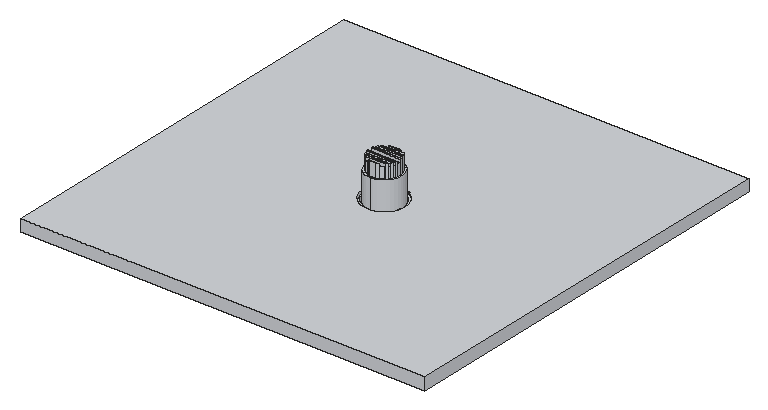
Revit family "M2 Fixed", category Lighting Fixtures, Revit 2014
Parameters (values of type "MFLUX M2 FIXED")
  Wattage Comments = "11"
  Wattage = 11 W
  built-in parameter 1150110 = 1 (stored number, unit not read)
  Type Comments = "Recessed"
  Type = "MFLUX M2 FIXED"
  built-in parameter 1114217 = 1 (stored number, unit not read)
  built-in parameter 1150109 = 1 (stored number, unit not read)
  built-in parameter 1150134 = 12
  built-in parameter 1150113 = 1 (stored number, unit not read)
  O/A Diameter (mm) = "74"
  Model = "Mflux M2"
  Manufacturer = "Designed Architectural Lighting"
  Luminous flux of luminaire (lm) = "1500"
  Lumens = 1518 lm
  built-in parameter 1150115 = 1 (stored number, unit not read)
  built-in parameter 1150105 = 120.8 (stored number, unit not read)
  Light Source Symbol Size = 609.6 mm
  built-in parameter 1150137 = (empty or 0)
  built-in parameter 1150139 = (empty or 0)
  built-in parameter 1150112 = 1 (stored number, unit not read)
  built-in parameter 1150114 = 1 (stored number, unit not read)
  Lamp = "LED"
  built-in parameter 1150132 = (empty or 0)
  built-in parameter 1150102 = (empty or 0)
  built-in parameter 1150138 = (empty or 0)
  built-in parameter 1150107 = 4000 (stored number, unit not read)
  built-in parameter 1150106 = 1.208 (stored number, unit not read)
  Height (mm) = "76"
  built-in parameter 1150104 = 12.821 (stored number, unit not read)
  Dimming Lamp Color Temperature Shift = <None>
  Description = "Recessed LED downlighter"
  Cut Out (mm) = "64"
  Colour temperature (K) = "2700/3000/4000"
  Color Filter = 16777215
  CRI = "90"
  built-in parameter 1114218 = 1 (stored number, unit not read)
  built-in parameter 1150133 = 10 (stored number, unit not read)
  Apparent Load = 11 VA
  Aperture (mm) = "58"
Reference planes
  plane 1 "Light Source Axis (F/B)": y = 0
  plane 2: z = 0
  plane 3 "Light Source Axis (L/R)": x = 0
  plane 4 "Light Source Elevation": z = 0
Forms (mm)
  Extrusion 1, solid
    sketch origin (-38.915, -66.34, 0) x (1, 0, 0) y (0, 1, 0)
      loop
        line (-261.085, 366.181) -> (-261.085, -233.819) -> (338.915, -233.819) -> (338.915, 366.181) -> (-261.085, 366.181)
      loop
        circle (38.915, 66.181) r 32
    from 0 to 18
  Revolve 2, solid
    sketch origin (0, 0, 0) x (0, 1, 0) y (0, 0, 1)
      loop
        line (37.019, 0) -> (30.535, 0) -> (30.535, 15.994) -> (28.415, 15.994) -> (28.415, -2.122) -> (37.019, -2.122) -> (37.019, 0)
      axis (0, -2.122) -> (0, 15.994)
    angle from 0 to 360
  Revolve 3, solid
    sketch origin (0, 0, 0) x (0, 1, 0) y (0, 0, 1)
      loop
        line (28.353, -2.122) -> (28.353, 3.596) -> (26.859, 3.596) -> (26.859, 9.734) -> (23.278, 9.734) -> (20.089, 15.994) -> (17.039, 15.994) -> (19.841, 11.14) -> (27.498, -2.122) -> (28.353, -2.122)
      axis (0, 15.994) -> (0, -2.122)
    angle from 0 to 360
  Revolve 4, solid
    sketch origin (0, 0, 0) x (0, 1, 0) y (0, 0, 1)
      loop
        line (20.801, 71.583) -> (0, 71.583) -> (0, 38.521) -> (20.801, 38.521) -> (20.801, 71.583)
      axis (0, 71.583) -> (0, 38.521)
    angle from 0 to 360
  Revolve 5, solid
    sketch origin (0, 0.105, -21.158) x (0, 1, 0) y (0, 0, 1)
      loop
        line (22.2, 37.152) -> (22.2, 42.152) -> (21.417, 42.152) -> (15.96, 56.367) -> (14.19, 56.367) -> (19.983, 41.275) -> (19.983, 37.152) -> (22.2, 37.152)
      axis (0, 56.367) -> (0, 37.152)
    angle from 0 to 360
  Revolve 6, solid
    sketch origin (0, 0.105, -21.158) x (0, 1, 0) y (0, 0, 1)
      loop
        line (23.275, 31.126) -> (23.275, 34.073) -> (25.721, 34.073) -> (25.721, 77.837) -> (23.275, 77.837) -> (23.275, 35.848) -> (21.824, 35.01) -> (21.573, 34.073) -> (23.275, 31.126)
      axis (0, 77.837) -> (0, 31.126)
    angle from 0 to 360
  Revolve 7, solid
    sketch origin (0, 0, -2.853) x (0, 1, 0) y (0, 0, 1)
      loop
        line (0, 38.521) -> (16.58, 38.521) -> (16.58, 41.373) -> (0, 41.373) -> (0, 38.521)
      axis (0, 41.373) -> (0, 38.521)
    angle from 0 to 360
  Extrusion 8, solid
    sketch origin (0, 0, 0) x (1, 0, 0) y (0, 1, 0)
      loop
        line (-16.55, -14.481) -> (-14.658, -16.658) -> (14.749, -16.658) -> (16.641, -14.481) -> (-16.55, -14.481)
      loop
        line (-21.977, -3.752) -> (-21.406, -5.929) -> (21.33, -5.929) -> (21.901, -3.752) -> (-21.977, -3.752)
      loop
        line (18.979, -11.482) -> (20.088, -9.305) -> (-20.266, -9.305) -> (-19.157, -11.482) -> (18.979, -11.482)
      loop
        line (7.974, -19.718) -> (-7.737, -19.718) -> (-3.809, -21.895) -> (4.047, -21.895) -> (7.974, -19.718)
      loop
        line (-16.832, 14.481) -> (16.677, 14.481) -> (14.785, 16.658) -> (-14.94, 16.658) -> (-16.832, 14.481)
      loop
        line (-22.04, 3.752) -> (21.945, 3.752) -> (21.375, 5.929) -> (-21.469, 5.929) -> (-22.04, 3.752)
      loop
        line (18.965, 11.482) -> (-19.133, 11.482) -> (-20.242, 9.305) -> (20.074, 9.305) -> (18.965, 11.482)
      loop
        line (8.382, 19.718) -> (4.455, 21.895) -> (-4.847, 21.895) -> (-8.774, 19.718) -> (8.382, 19.718)
    from 38.521 to 75.96
Dimensions and locks
  aligned and locked: plane 3 "Light Source Axis (L/R)" to imposter light
  aligned and locked: plane 1 "Light Source Axis (F/B)" to imposter light
  aligned and locked: plane 4 "Light Source Elevation" to imposter light
  aligned and locked: level to plane 2
